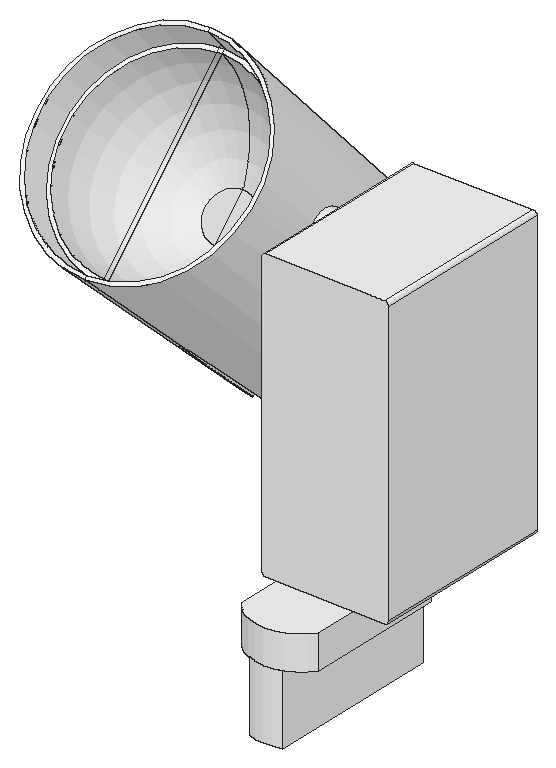
Revit family "0004873 Feilo Sylvania Lighting Fixture START TRACK SPOT S 14W 4K RA90 WB WHITE", category Lighting Fixtures, host Face, Revit 2017 (continued)
Definition of nested family "Start Track Spot Head"
  Types (96, lengths in mm): name | Wattage | built-in parameter 1150134 | Photometric Web File | Model | built-in parameter 1150105 | Lumens | built-in parameter 1150107 | built-in parameter 1150106 | HeadThickness_FEILO | HeadRibOffset_FEILO | HeadRibDepth_FEILO | HeadRibCutWidth_FEILO | HeadRibCutOffset_FEILO | HeadReflectorRadius_FEILO | HeadReflectorOffset_FEILO | HeadLEDRadius_FEILO | HeadHeight_FEILO | HeadDiffusorOffset_FEILO | HeadDiaOut_FEILO | HeadDiaIn_FEILO | HeadAxisFromTop_FEILO | Emit from Circle Diameter | built-in parameter 1150104 | Description | Apparent Load
    0004864 START TRACK SPOT S 24W 3K RA90 WB WHITE | 24 W | (empty or 0) | "0004864.ies" | "START TRACK SPOT S 24W 3K RA90 WB WHITE" | 152.79 (stored number, unit not read) | 1920 lm | 3000 (stored number, unit not read) | 1.5279 (stored number, unit not read) | 1.5 | 4.179 | 55.714 | 7.167 | 50.87 | 50.588 | 55.714 | 9.556 | 117 | 9.435 | 86 | 77.477 | 69.354 | 77.477 | 7.4322 (stored number, unit not read) | "Integrated LED spotlight, Textured White - RAL9016, compact and minimalist design, ideal for retail applications, die-cast aluminium body, passive cooling heatsink. Beam angle: 64°, color temperature: 3000K , total system power: 24W, total fixture output: 1928 lm, LOR: 100%, colour rendering: Ra: 90 typical, LED Chromaticity: 3 step MacAdam ellipse, lifetime: >50000 hours at L70B50, energy class: A++, A+, A, IR/UV free light source without heat radiation, operating voltage: 220-240V / 50-60Hz, drive current: 600mA, electronic driver, non-dimmable, power factor: 0.95, electrical protection: Class II, Global Track 3 Phase adapter suitable for Global trac 3-circuit tracks, ingress protection rating: IP20, suitable for internal environment only, horizontal rotation: 355°, vertical tilt: 90°, dimensions: Ø86x140x200, weight: 0.966kg." | 24 VA
    0004863 START TRACK SPOT S 24W 3K RA90 MB WHITE | 24 W | (empty or 0) | "0004863.ies" | "START TRACK SPOT S 24W 3K RA90 MB WHITE" | 154.7 (stored number, unit not read) | 1944 lm | 3000 (stored number, unit not read) | 1.547 (stored number, unit not read) | 1.5 | 4.179 | 55.714 | 7.167 | 50.87 | 50.588 | 55.714 | 9.556 | 117 | 9.435 | 86 | 77.477 | 69.354 | 77.477 | 7.5251 (stored number, unit not read) | "Integrated LED spotlight, Textured White - RAL9016, compact and minimalist design, ideal for retail applications, die-cast aluminium body, passive cooling heatsink. Beam angle: 36°, color temperature: 3000K , total system power: 24W, total fixture output: 1944 lm, LOR: 100%, colour rendering: Ra: 90 typical, LED Chromaticity: 3 step MacAdam ellipse, lifetime: >50000 hours at L70B50, energy class: A++, A+, A, IR/UV free light source without heat radiation, operating voltage: 220-240V / 50-60Hz, drive current: 600mA, electronic driver, non-dimmable, power factor: 0.95, electrical protection: Class II, Global Track 3 Phase adapter suitable for Global trac 3-circuit tracks, ingress protection rating: IP20, suitable for internal environment only, horizontal rotation: 355°, vertical tilt: 90°, dimensions: Ø86x140x200, weight: 0.966kg." | 24 VA
    0004862 START TRACK SPOT S 24W 3K RA90 NB WHITE | 24 W | (empty or 0) | "0004862.ies" | "START TRACK SPOT S 24W 3K RA90 NB WHITE" | 158.52 (stored number, unit not read) | 1992 lm | 3000 (stored number, unit not read) | 1.5852 (stored number, unit not read) | 1.5 | 4.179 | 55.714 | 7.167 | 50.87 | 50.588 | 55.714 | 9.556 | 117 | 9.435 | 86 | 77.477 | 69.354 | 77.477 | 7.711 (stored number, unit not read) | "Integrated LED spotlight, Textured White - RAL9016, compact and minimalist design, ideal for retail applications, die-cast aluminium body, passive cooling heatsink. Beam angle: 12°, color temperature: 3000K , total system power: 24W, total fixture output: 1987 lm, LOR: 100%, colour rendering: Ra: 90 typical, LED Chromaticity: 3 step MacAdam ellipse, lifetime: >50000 hours at L70B50, energy class: A++, A+, A, IR/UV free light source without heat radiation, operating voltage: 220-240V / 50-60Hz, drive current: 600mA, electronic driver, non-dimmable, power factor: 0.95, electrical protection: Class II, Global Track 3 Phase adapter suitable for Global trac 3-circuit tracks, ingress protection rating: IP20, suitable for internal environment only, horizontal rotation: 355°, vertical tilt: 90°, dimensions: Ø86x140x200, weight: 0.966kg." | 24 VA
    0004861 START TRACK SPOT S 14W 3K RA90 WB WHITE | 14 W | (empty or 0) | "0004861.ies" | "START TRACK SPOT S 14W 3K RA90 WB WHITE" | 100.27 (stored number, unit not read) | 1260 lm | 3000 (stored number, unit not read) | 1.0027 (stored number, unit not read) | 1.5 | 4.179 | 55.714 | 7.167 | 50.87 | 50.588 | 55.714 | 9.556 | 117 | 9.435 | 86 | 77.477 | 69.354 | 77.477 | 8.3613 (stored number, unit not read) | "Integrated LED spotlight, Textured White - RAL9016, compact and minimalist design, ideal for retail applications, die-cast aluminium body, passive cooling heatsink. Beam angle: 64°, color temperature: 3000K , total system power: 14W, total fixture output: 1262 lm, LOR: 100%, colour rendering: Ra: 90 typical, LED Chromaticity: 3 step MacAdam ellipse, lifetime: >50000 hours at L70B50, energy class: A++, A+, A, IR/UV free light source without heat radiation, operating voltage: 220-240V / 50-60Hz, drive current: 350mA, electronic driver, non-dimmable, power factor: 0.92, electrical protection: Class II, Global Track 3 Phase adapter suitable for Global trac 3-circuit tracks, ingress protection rating: IP20, suitable for internal environment only, horizontal rotation: 355°, vertical tilt: 90°, dimensions: Ø86x140x200, weight: 0.940kg." | 14 VA
    0004860 START TRACK SPOT S 14W 3K RA90 MB WHITE | 14 W | (empty or 0) | "0004860.ies" | "START TRACK SPOT S 14W 3K RA90 MB WHITE" | 100.27 (stored number, unit not read) | 1260 lm | 3000 (stored number, unit not read) | 1.0027 (stored number, unit not read) | 1.5 | 4.179 | 55.714 | 7.167 | 50.87 | 50.588 | 55.714 | 9.556 | 117 | 9.435 | 86 | 77.477 | 69.354 | 77.477 | 8.3613 (stored number, unit not read) | "Integrated LED spotlight, Textured White - RAL9016, compact and minimalist design, ideal for retail applications, die-cast aluminium body, passive cooling heatsink. Beam angle: 36°, color temperature: 3000K , total system power: 14W, total fixture output: 1262 lm, LOR: 100%, colour rendering: Ra: 90 typical, LED Chromaticity: 3 step MacAdam ellipse, lifetime: >50000 hours at L70B50, energy class: A++, A+, A, IR/UV free light source without heat radiation, operating voltage: 220-240V / 50-60Hz, drive current: 350mA, electronic driver, non-dimmable, power factor: 0.92, electrical protection: Class II, Global Track 3 Phase adapter suitable for Global trac 3-circuit tracks, ingress protection rating: IP20, suitable for internal environment only, horizontal rotation: 355°, vertical tilt: 90°, dimensions: Ø86x140x200, weight: 0.940kg." | 14 VA
    0004859 START TRACK SPOT S 14W 3K RA90 NB WHITE | 14 W | (empty or 0) | "0004859.ies" | "START TRACK SPOT S 14W 3K RA90 NB WHITE" | 102.5 (stored number, unit not read) | 1288 lm | 3000 (stored number, unit not read) | 1.025 (stored number, unit not read) | 1.5 | 4.179 | 55.714 | 7.167 | 50.87 | 50.588 | 55.714 | 9.556 | 117 | 9.435 | 86 | 77.477 | 69.354 | 77.477 | 8.5471 (stored number, unit not read) | "Integrated LED spotlight, Textured White - RAL9016, compact and minimalist design, ideal for retail applications, die-cast aluminium body, passive cooling heatsink. Beam angle: 12°, color temperature: 3000K , total system power: 14W, total fixture output: 1284 lm, LOR: 100%, colour rendering: Ra: 90 typical, LED Chromaticity: 3 step MacAdam ellipse, lifetime: >50000 hours at L70B50, energy class: A++, A+, A, IR/UV free light source without heat radiation, operating voltage: 220-240V / 50-60Hz, drive current: 350mA, electronic driver, non-dimmable, power factor: 0.92, electrical protection: Class II, Global Track 3 Phase adapter suitable for Global trac 3-circuit tracks, ingress protection rating: IP20, suitable for internal environment only, horizontal rotation: 355°, vertical tilt: 90°, dimensions: Ø86x140x200, weight: 0.940kg." | 14 VA
    0004858 START TRACK SPOT L 55W 4K RA80 WB BLACK | 55 W | 12 | "0004858.ies" | "START TRACK SPOT L 55W 4K RA80 WB BLACK" | 424.55 (stored number, unit not read) | 5335 lm | 4000 (stored number, unit not read) | 4.2455 (stored number, unit not read) | 2 | 4.429 | 59.048 | 9.417 | 53.913 | 66.471 | 59.048 | 12.556 | 124 | 10 | 113 | 101.802 | 73.503 | 101.802 | 9.0116 (stored number, unit not read) | "Integrated LED spotlight, Textured Black - RAL9005, compact and minimalist design, ideal for retail applications, die-cast aluminium body, passive cooling heatsink. Beam angle: 52°, color temperature: 4000K , total system power: 55W, total fixture output: 5320 lm, LOR: 100%, colour rendering: Ra: 80 typical, LED Chromaticity: 3 step MacAdam ellipse, lifetime: >50000 hours at L70B50, energy class: A++, A+, A, IR/UV free light source without heat radiation, operating voltage: 220-240V / 50-60Hz, drive current: 1400mA, electronic driver, non-dimmable, power factor: 0.96, electrical protection: Class II, Global Track 3 Phase adapter suitable for Global trac 3-circuit tracks, ingress protection rating: IP20, suitable for internal environment only, horizontal rotation: 355°, vertical tilt: 90°, dimensions: Ø113x164x240, weight: 1.398kg." | 55 VA
    0004857 START TRACK SPOT L 55W 4K RA80 MB BLACK | 55 W | 12 | "0004857.ies" | "START TRACK SPOT L 55W 4K RA80 MB BLACK" | 428.92 (stored number, unit not read) | 5390 lm | 4000 (stored number, unit not read) | 4.2892 (stored number, unit not read) | 2 | 4.429 | 59.048 | 9.417 | 53.913 | 66.471 | 59.048 | 12.556 | 124 | 10 | 113 | 101.802 | 73.503 | 101.802 | 9.1045 (stored number, unit not read) | "Integrated LED spotlight, Textured Black - RAL9005, compact and minimalist design, ideal for retail applications, die-cast aluminium body, passive cooling heatsink. Beam angle: 38°, color temperature: 4000K , total system power: 55W, total fixture output: 5378 lm, LOR: 100%, colour rendering: Ra: 80 typical, LED Chromaticity: 3 step MacAdam ellipse, lifetime: >50000 hours at L70B50, energy class: A++, A+, A, IR/UV free light source without heat radiation, operating voltage: 220-240V / 50-60Hz, drive current: 1400mA, electronic driver, non-dimmable, power factor: 0.96, electrical protection: Class II, Global Track 3 Phase adapter suitable for Global trac 3-circuit tracks, ingress protection rating: IP20, suitable for internal environment only, horizontal rotation: 355°, vertical tilt: 90°, dimensions: Ø113x164x240, weight: 1.398kg." | 55 VA
    0004856 START TRACK SPOT L 55W 4K RA80 NB BLACK | 55 W | 12 | "0004856.ies" | "START TRACK SPOT L 55W 4K RA80 NB BLACK" | 433.3 (stored number, unit not read) | 5445 lm | 4000 (stored number, unit not read) | 4.333 (stored number, unit not read) | 2 | 4.429 | 59.048 | 9.417 | 53.913 | 66.471 | 59.048 | 12.556 | 124 | 10 | 113 | 101.802 | 73.503 | 101.802 | 9.1974 (stored number, unit not read) | "Integrated LED spotlight, Textured Black - RAL9005, compact and minimalist design, ideal for retail applications, die-cast aluminium body, passive cooling heatsink. Beam angle: 15°, color temperature: 4000K , total system power: 55W, total fixture output: 5426 lm, LOR: 100%, colour rendering: Ra: 80 typical, LED Chromaticity: 3 step MacAdam ellipse, lifetime: >50000 hours at L70B50, energy class: A++, A+, A, IR/UV free light source without heat radiation, operating voltage: 220-240V / 50-60Hz, drive current: 1400mA, electronic driver, non-dimmable, power factor: 0.96, electrical protection: Class II, Global Track 3 Phase adapter suitable for Global trac 3-circuit tracks, ingress protection rating: IP20, suitable for internal environment only, horizontal rotation: 355°, vertical tilt: 90°, dimensions: Ø113x164x240, weight: 1.398kg." | 55 VA
    0004855 START TRACK SPOT L 35W 4K RA80 WB BLACK | 35 W | 12 | "0004855.ies" | "START TRACK SPOT L 35W 4K RA80 WB BLACK" | 320.3 (stored number, unit not read) | 4025 lm | 4000 (stored number, unit not read) | 3.203 (stored number, unit not read) | 2 | 4.429 | 59.048 | 9.417 | 53.913 | 66.471 | 59.048 | 12.556 | 124 | 10 | 113 | 101.802 | 73.503 | 101.802 | 10.684 (stored number, unit not read) | "Integrated LED spotlight, Textured Black - RAL9005, compact and minimalist design, ideal for retail applications, die-cast aluminium body, passive cooling heatsink. Beam angle: 52°, color temperature: 4000K , total system power: 35W, total fixture output: 4010 lm, LOR: 100%, colour rendering: Ra: 80 typical, LED Chromaticity: 3 step MacAdam ellipse, lifetime: >50000 hours at L70B50, energy class: A++, A+, A, IR/UV free light source without heat radiation, operating voltage: 220-240V / 50-60Hz, drive current: 900mA, electronic driver, non-dimmable, power factor: 0.93, electrical protection: Class II, Global Track 3 Phase adapter suitable for Global trac 3-circuit tracks, ingress protection rating: IP20, suitable for internal environment only, horizontal rotation: 355°, vertical tilt: 90°, dimensions: Ø113x164x240, weight: 1.368kg." | 35 VA
    0004854 START TRACK SPOT L 35W 4K RA80 MB BLACK | 35 W | 12 | "0004854.ies" | "START TRACK SPOT L 35W 4K RA80 MB BLACK" | 320.3 (stored number, unit not read) | 4025 lm | 4000 (stored number, unit not read) | 3.203 (stored number, unit not read) | 2 | 4.429 | 59.048 | 9.417 | 53.913 | 66.471 | 59.048 | 12.556 | 124 | 10 | 113 | 101.802 | 73.503 | 101.802 | 10.684 (stored number, unit not read) | "Integrated LED spotlight, Textured Black - RAL9005, compact and minimalist design, ideal for retail applications, die-cast aluminium body, passive cooling heatsink. Beam angle: 38°, color temperature: 4000K , total system power: 35W, total fixture output: 4017 lm, LOR: 100%, colour rendering: Ra: 80 typical, LED Chromaticity: 3 step MacAdam ellipse, lifetime: >50000 hours at L70B50, energy class: A++, A+, A, IR/UV free light source without heat radiation, operating voltage: 220-240V / 50-60Hz, drive current: 900mA, electronic driver, non-dimmable, power factor: 0.93, electrical protection: Class II, Global Track 3 Phase adapter suitable for Global trac 3-circuit tracks, ingress protection rating: IP20, suitable for internal environment only, horizontal rotation: 355°, vertical tilt: 90°, dimensions: Ø113x164x240, weight: 1.368kg." | 35 VA
    0004853 START TRACK SPOT L 35W 4K RA80 NB BLACK | 35 W | 12 | "0004853.ies" | "START TRACK SPOT L 35W 4K RA80 NB BLACK" | 331.44 (stored number, unit not read) | 4165 lm | 4000 (stored number, unit not read) | 3.3144 (stored number, unit not read) | 2 | 4.429 | 59.048 | 9.417 | 53.913 | 66.471 | 59.048 | 12.556 | 124 | 10 | 113 | 101.802 | 73.503 | 101.802 | 11.055 (stored number, unit not read) | "Integrated LED spotlight, Textured Black - RAL9005, compact and minimalist design, ideal for retail applications, die-cast aluminium body, passive cooling heatsink. Beam angle: 15°, color temperature: 4000K , total system power: 35W, total fixture output: 4174 lm, LOR: 100%, colour rendering: Ra: 80 typical, LED Chromaticity: 3 step MacAdam ellipse, lifetime: >50000 hours at L70B50, energy class: A++, A+, A, IR/UV free light source without heat radiation, operating voltage: 220-240V / 50-60Hz, drive current: 900mA, electronic driver, non-dimmable, power factor: 0.93, electrical protection: Class II, Global Track 3 Phase adapter suitable for Global trac 3-circuit tracks, ingress protection rating: IP20, suitable for internal environment only, horizontal rotation: 355°, vertical tilt: 90°, dimensions: Ø113x164x240, weight: 1.368kg." | 35 VA
    0004852 START TRACK SPOT S 24W 4K RA80 WB BLACK | 24 W | 12 | "0004852.ies" | "START TRACK SPOT S 24W 4K RA80 WB BLACK" | 196.72 (stored number, unit not read) | 2472 lm | 4000 (stored number, unit not read) | 1.9672 (stored number, unit not read) | 1.5 | 4.179 | 55.714 | 7.167 | 50.87 | 50.588 | 55.714 | 9.556 | 117 | 9.435 | 86 | 77.477 | 69.354 | 77.477 | 9.569 (stored number, unit not read) | "Integrated LED spotlight, Textured Black - RAL9005, compact and minimalist design, ideal for retail applications, die-cast aluminium body, passive cooling heatsink. Beam angle: 64°, color temperature: 4000K , total system power: 24W, total fixture output: 2476 lm, LOR: 100%, colour rendering: Ra: 80 typical, LED Chromaticity: 3 step MacAdam ellipse, lifetime: >50000 hours at L70B50, energy class: A++, A+, A, IR/UV free light source without heat radiation, operating voltage: 220-240V / 50-60Hz, drive current: 600mA, electronic driver, non-dimmable, power factor: 0.95, electrical protection: Class II, Global Track 3 Phase adapter suitable for Global trac 3-circuit tracks, ingress protection rating: IP20, suitable for internal environment only, horizontal rotation: 355°, vertical tilt: 90°, dimensions: Ø86x140x200, weight: 0.966kg." | 24 VA
    0004851 START TRACK SPOT S 24W 4K RA80 MB BLACK | 24 W | 12 | "0004851.ies" | "START TRACK SPOT S 24W 4K RA80 MB BLACK" | 198.63 (stored number, unit not read) | 2496 lm | 4000 (stored number, unit not read) | 1.9863 (stored number, unit not read) | 1.5 | 4.179 | 55.714 | 7.167 | 50.87 | 50.588 | 55.714 | 9.556 | 117 | 9.435 | 86 | 77.477 | 69.354 | 77.477 | 9.6619 (stored number, unit not read) | "Integrated LED spotlight, Textured Black - RAL9005, compact and minimalist design, ideal for retail applications, die-cast aluminium body, passive cooling heatsink. Beam angle: 36°, color temperature: 4000K , total system power: 24W, total fixture output: 2487 lm, LOR: 100%, colour rendering: Ra: 80 typical, LED Chromaticity: 3 step MacAdam ellipse, lifetime: >50000 hours at L70B50, energy class: A++, A+, A, IR/UV free light source without heat radiation, operating voltage: 220-240V / 50-60Hz, drive current: 600mA, electronic driver, non-dimmable, power factor: 0.95, electrical protection: Class II, Global Track 3 Phase adapter suitable for Global trac 3-circuit tracks, ingress protection rating: IP20, suitable for internal environment only, horizontal rotation: 355°, vertical tilt: 90°, dimensions: Ø86x140x200, weight: 0.966kg." | 24 VA
    0004850 START TRACK SPOT S 24W 4K RA80 NB BLACK | 24 W | 12 | "0004850.ies" | "START TRACK SPOT S 24W 4K RA80 NB BLACK" | 200.54 (stored number, unit not read) | 2520 lm | 4000 (stored number, unit not read) | 2.0054 (stored number, unit not read) | 1.5 | 4.179 | 55.714 | 7.167 | 50.87 | 50.588 | 55.714 | 9.556 | 117 | 9.435 | 86 | 77.477 | 69.354 | 77.477 | 9.7548 (stored number, unit not read) | "Integrated LED spotlight, Textured Black - RAL9005, compact and minimalist design, ideal for retail applications, die-cast aluminium body, passive cooling heatsink. Beam angle: 12°, color temperature: 4000K , total system power: 24W, total fixture output: 2529 lm, LOR: 100%, colour rendering: Ra: 80 typical, LED Chromaticity: 3 step MacAdam ellipse, lifetime: >50000 hours at L70B50, energy class: A++, A+, A, IR/UV free light source without heat radiation, operating voltage: 220-240V / 50-60Hz, drive current: 600mA, electronic driver, non-dimmable, power factor: 0.95, electrical protection: Class II, Global Track 3 Phase adapter suitable for Global trac 3-circuit tracks, ingress protection rating: IP20, suitable for internal environment only, horizontal rotation: 355°, vertical tilt: 90°, dimensions: Ø86x140x200, weight: 0.966kg." | 24 VA
    0004849 START TRACK SPOT S 14W 4K RA80 WB BLACK | 14 W | 12 | "0004849.ies" | "START TRACK SPOT S 14W 4K RA80 WB BLACK" | 123.66 (stored number, unit not read) | 1554 lm | 4000 (stored number, unit not read) | 1.2366 (stored number, unit not read) | 1.5 | 4.179 | 55.714 | 7.167 | 50.87 | 50.588 | 55.714 | 9.556 | 117 | 9.435 | 86 | 77.477 | 69.354 | 77.477 | 10.312 (stored number, unit not read) | "Integrated LED spotlight, Textured Black - RAL9005, compact and minimalist design, ideal for retail applications, die-cast aluminium body, passive cooling heatsink. Beam angle: 64°, color temperature: 4000K , total system power: 14W, total fixture output: 1558 lm, LOR: 100%, colour rendering: Ra: 80 typical, LED Chromaticity: 3 step MacAdam ellipse, lifetime: >50000 hours at L70B50, energy class: A++, A+, A, IR/UV free light source without heat radiation, operating voltage: 220-240V / 50-60Hz, drive current: 350mA, electronic driver, non-dimmable, power factor: 0.92, electrical protection: Class II, Global Track 3 Phase adapter suitable for Global trac 3-circuit tracks, ingress protection rating: IP20, suitable for internal environment only, horizontal rotation: 355°, vertical tilt: 90°, dimensions: Ø86x140x200, weight: 0.940kg." | 14 VA
    0004848 START TRACK SPOT S 14W 4K RA80 MB BLACK | 14 W | 12 | "0004848.ies" | "START TRACK SPOT S 14W 4K RA80 MB BLACK" | 127.01 (stored number, unit not read) | 1596 lm | 4000 (stored number, unit not read) | 1.2701 (stored number, unit not read) | 1.5 | 4.179 | 55.714 | 7.167 | 50.87 | 50.588 | 55.714 | 9.556 | 117 | 9.435 | 86 | 77.477 | 69.354 | 77.477 | 10.591 (stored number, unit not read) | "Integrated LED spotlight, Textured Black - RAL9005, compact and minimalist design, ideal for retail applications, die-cast aluminium body, passive cooling heatsink. Beam angle: 36°, color temperature: 4000K , total system power: 14W, total fixture output: 1598 lm, LOR: 100%, colour rendering: Ra: 80 typical, LED Chromaticity: 3 step MacAdam ellipse, lifetime: >50000 hours at L70B50, energy class: A++, A+, A, IR/UV free light source without heat radiation, operating voltage: 220-240V / 50-60Hz, drive current: 350mA, electronic driver, non-dimmable, power factor: 0.92, electrical protection: Class II, Global Track 3 Phase adapter suitable for Global trac 3-circuit tracks, ingress protection rating: IP20, suitable for internal environment only, horizontal rotation: 355°, vertical tilt: 90°, dimensions: Ø86x140x200, weight: 0.940kg." | 14 VA
    0004847 START TRACK SPOT S 14W 4K RA80 NB BLACK | 14 W | 12 | "0004847.ies" | "START TRACK SPOT S 14W 4K RA80 NB BLACK" | 128.12 (stored number, unit not read) | 1610 lm | 4000 (stored number, unit not read) | 1.2812 (stored number, unit not read) | 1.5 | 4.179 | 55.714 | 7.167 | 50.87 | 50.588 | 55.714 | 9.556 | 117 | 9.435 | 86 | 77.477 | 69.354 | 77.477 | 10.684 (stored number, unit not read) | "Integrated LED spotlight, Textured Black - RAL9005, compact and minimalist design, ideal for retail applications, die-cast aluminium body, passive cooling heatsink. Beam angle: 12°, color temperature: 4000K , total system power: 14W, total fixture output: 1608 lm, LOR: 100%, colour rendering: Ra: 80 typical, LED Chromaticity: 3 step MacAdam ellipse, lifetime: >50000 hours at L70B50, energy class: A++, A+, A, IR/UV free light source without heat radiation, operating voltage: 220-240V / 50-60Hz, drive current: 350mA, electronic driver, non-dimmable, power factor: 0.92, electrical protection: Class II, Global Track 3 Phase adapter suitable for Global trac 3-circuit tracks, ingress protection rating: IP20, suitable for internal environment only, horizontal rotation: 355°, vertical tilt: 90°, dimensions: Ø86x140x200, weight: 0.940kg." | 14 VA
    0004846 START TRACK SPOT L 55W 3K RA80 WB BLACK | 55 W | (empty or 0) | "0004846.ies" | "START TRACK SPOT L 55W 3K RA80 WB BLACK" | 420.17 (stored number, unit not read) | 5280 lm | 3000 (stored number, unit not read) | 4.2017 (stored number, unit not read) | 2 | 4.429 | 59.048 | 9.417 | 53.913 | 66.471 | 59.048 | 12.556 | 124 | 10 | 113 | 101.802 | 73.503 | 101.802 | 8.9187 (stored number, unit not read) | "Integrated LED spotlight, Textured Black - RAL9005, compact and minimalist design, ideal for retail applications, die-cast aluminium body, passive cooling heatsink. Beam angle: 52°, color temperature: 3000K , total system power: 55W, total fixture output: 5298 lm, LOR: 100%, colour rendering: Ra: 80 typical, LED Chromaticity: 3 step MacAdam ellipse, lifetime: >50000 hours at L70B50, energy class: A++, A+, A, IR/UV free light source without heat radiation, operating voltage: 220-240V / 50-60Hz, drive current: 1400mA, electronic driver, non-dimmable, power factor: 0.96, electrical protection: Class II, Global Track 3 Phase adapter suitable for Global trac 3-circuit tracks, ingress protection rating: IP20, suitable for internal environment only, horizontal rotation: 355°, vertical tilt: 90°, dimensions: Ø113x164x240, weight: 1.398kg." | 55 VA
    0004845 START TRACK SPOT L 55W 3K RA80 MB BLACK | 55 W | (empty or 0) | "0004845.ies" | "START TRACK SPOT L 55W 3K RA80 MB BLACK" | 428.92 (stored number, unit not read) | 5390 lm | 3000 (stored number, unit not read) | 4.2892 (stored number, unit not read) | 2 | 4.429 | 59.048 | 9.417 | 53.913 | 66.471 | 59.048 | 12.556 | 124 | 10 | 113 | 101.802 | 73.503 | 101.802 | 9.1045 (stored number, unit not read) | "Integrated LED spotlight, Textured Black - RAL9005, compact and minimalist design, ideal for retail applications, die-cast aluminium body, passive cooling heatsink. Beam angle: 38°, color temperature: 3000K , total system power: 55W, total fixture output: 5381 lm, LOR: 100%, colour rendering: Ra: 80 typical, LED Chromaticity: 3 step MacAdam ellipse, lifetime: >50000 hours at L70B50, energy class: A++, A+, A, IR/UV free light source without heat radiation, operating voltage: 220-240V / 50-60Hz, drive current: 1400mA, electronic driver, non-dimmable, power factor: 0.96, electrical protection: Class II, Global Track 3 Phase adapter suitable for Global trac 3-circuit tracks, ingress protection rating: IP20, suitable for internal environment only, horizontal rotation: 355°, vertical tilt: 90°, dimensions: Ø113x164x240, weight: 1.398kg." | 55 VA
    0004844 START TRACK SPOT L 55W 3K RA80 NB BLACK | 55 W | (empty or 0) | "0004844.ies" | "START TRACK SPOT L 55W 3K RA80 NB BLACK" | 433.3 (stored number, unit not read) | 5445 lm | 3000 (stored number, unit not read) | 4.333 (stored number, unit not read) | 2 | 4.429 | 59.048 | 9.417 | 53.913 | 66.471 | 59.048 | 12.556 | 124 | 10 | 113 | 101.802 | 73.503 | 101.802 | 9.1974 (stored number, unit not read) | "Integrated LED spotlight, Textured Black - RAL9005, compact and minimalist design, ideal for retail applications, die-cast aluminium body, passive cooling heatsink. Beam angle: 15°, color temperature: 3000K , total system power: 55W, total fixture output: 5449 lm, LOR: 100%, colour rendering: Ra: 80 typical, LED Chromaticity: 3 step MacAdam ellipse, lifetime: >50000 hours at L70B50, energy class: A++, A+, A, IR/UV free light source without heat radiation, operating voltage: 220-240V / 50-60Hz, drive current: 1400mA, electronic driver, non-dimmable, power factor: 0.96, electrical protection: Class II, Global Track 3 Phase adapter suitable for Global trac 3-circuit tracks, ingress protection rating: IP20, suitable for internal environment only, horizontal rotation: 355°, vertical tilt: 90°, dimensions: Ø113x164x240, weight: 1.398kg." | 55 VA
    0004843 START TRACK SPOT L 35W 3K RA80 WB BLACK | 35 W | (empty or 0) | "0004843.ies" | "START TRACK SPOT L 35W 3K RA80 WB BLACK" | 314.73 (stored number, unit not read) | 3955 lm | 3000 (stored number, unit not read) | 3.1473 (stored number, unit not read) | 2 | 4.429 | 59.048 | 9.417 | 53.913 | 66.471 | 59.048 | 12.556 | 124 | 10 | 113 | 101.802 | 73.503 | 101.802 | 10.498 (stored number, unit not read) | "Integrated LED spotlight, Textured Black - RAL9005, compact and minimalist design, ideal for retail applications, die-cast aluminium body, passive cooling heatsink. Beam angle: 52°, color temperature: 3000K , total system power: 35W, total fixture output: 3943 lm, LOR: 100%, colour rendering: Ra: 80 typical, LED Chromaticity: 3 step MacAdam ellipse, lifetime: >50000 hours at L70B50, energy class: A++, A+, A, IR/UV free light source without heat radiation, operating voltage: 220-240V / 50-60Hz, drive current: 900mA, electronic driver, non-dimmable, power factor: 0.93, electrical protection: Class II, Global Track 3 Phase adapter suitable for Global trac 3-circuit tracks, ingress protection rating: IP20, suitable for internal environment only, horizontal rotation: 355°, vertical tilt: 90°, dimensions: Ø113x164x240, weight: 1.368kg." | 35 VA
    0004842 START TRACK SPOT L 35W 3K RA80 MB BLACK | 35 W | (empty or 0) | "0004842.ies" | "START TRACK SPOT L 35W 3K RA80 MB BLACK" | 320.3 (stored number, unit not read) | 4025 lm | 3000 (stored number, unit not read) | 3.203 (stored number, unit not read) | 2 | 4.429 | 59.048 | 9.417 | 53.913 | 66.471 | 59.048 | 12.556 | 124 | 10 | 113 | 101.802 | 73.503 | 101.802 | 10.684 (stored number, unit not read) | "Integrated LED spotlight, Textured Black - RAL9005, compact and minimalist design, ideal for retail applications, die-cast aluminium body, passive cooling heatsink. Beam angle: 38°, color temperature: 3000K , total system power: 35W, total fixture output: 4008 lm, LOR: 100%, colour rendering: Ra: 80 typical, LED Chromaticity: 3 step MacAdam ellipse, lifetime: >50000 hours at L70B50, energy class: A++, A+, A, IR/UV free light source without heat radiation, operating voltage: 220-240V / 50-60Hz, drive current: 900mA, electronic driver, non-dimmable, power factor: 0.93, electrical protection: Class II, Global Track 3 Phase adapter suitable for Global trac 3-circuit tracks, ingress protection rating: IP20, suitable for internal environment only, horizontal rotation: 355°, vertical tilt: 90°, dimensions: Ø113x164x240, weight: 1.368kg." | 35 VA
    0004841 START TRACK SPOT L 35W 3K RA80 NB BLACK | 35 W | (empty or 0) | "0004841.ies" | "START TRACK SPOT L 35W 3K RA80 NB BLACK" | 317.51 (stored number, unit not read) | 3990 lm | 3000 (stored number, unit not read) | 3.1751 (stored number, unit not read) | 2 | 4.429 | 59.048 | 9.417 | 53.913 | 66.471 | 59.048 | 12.556 | 124 | 10 | 113 | 101.802 | 73.503 | 101.802 | 10.591 (stored number, unit not read) | "Integrated LED spotlight, Textured Black - RAL9005, compact and minimalist design, ideal for retail applications, die-cast aluminium body, passive cooling heatsink. Beam angle: 15°, color temperature: 3000K , total system power: 35W, total fixture output: 4005 lm, LOR: 100%, colour rendering: Ra: 80 typical, LED Chromaticity: 3 step MacAdam ellipse, lifetime: >50000 hours at L70B50, energy class: A++, A+, A, IR/UV free light source without heat radiation, operating voltage: 220-240V / 50-60Hz, drive current: 900mA, electronic driver, non-dimmable, power factor: 0.93, electrical protection: Class II, Global Track 3 Phase adapter suitable for Global trac 3-circuit tracks, ingress protection rating: IP20, suitable for internal environment only, horizontal rotation: 355°, vertical tilt: 90°, dimensions: Ø113x164x240, weight: 1.368kg." | 35 VA
    0004840 START TRACK SPOT S 24W 3K RA80 WB BLACK | 24 W | (empty or 0) | "0004840.ies" | "START TRACK SPOT S 24W 3K RA80 WB BLACK" | 185.26 (stored number, unit not read) | 2328 lm | 3000 (stored number, unit not read) | 1.8526 (stored number, unit not read) | 1.5 | 4.179 | 55.714 | 7.167 | 50.87 | 50.588 | 55.714 | 9.556 | 117 | 9.435 | 86 | 77.477 | 69.354 | 77.477 | 9.0116 (stored number, unit not read) | "Integrated LED spotlight, Textured Black - RAL9005, compact and minimalist design, ideal for retail applications, die-cast aluminium body, passive cooling heatsink. Beam angle: 64°, color temperature: 3000K , total system power: 24W, total fixture output: 2318 lm, LOR: 100%, colour rendering: Ra: 80 typical, LED Chromaticity: 3 step MacAdam ellipse, lifetime: >50000 hours at L70B50, energy class: A++, A+, A, IR/UV free light source without heat radiation, operating voltage: 220-240V / 50-60Hz, drive current: 600mA, electronic driver, non-dimmable, power factor: 0.95, electrical protection: Class II, Global Track 3 Phase adapter suitable for Global trac 3-circuit tracks, ingress protection rating: IP20, suitable for internal environment only, horizontal rotation: 355°, vertical tilt: 90°, dimensions: Ø86x140x200, weight: 0.966kg." | 24 VA
    0004839 START TRACK SPOT S 24W 3K RA80 MB BLACK | 24 W | (empty or 0) | "0004839.ies" | "START TRACK SPOT S 24W 3K RA80 MB BLACK" | 183.35 (stored number, unit not read) | 2304 lm | 3000 (stored number, unit not read) | 1.8335 (stored number, unit not read) | 1.5 | 4.179 | 55.714 | 7.167 | 50.87 | 50.588 | 55.714 | 9.556 | 117 | 9.435 | 86 | 77.477 | 69.354 | 77.477 | 8.9187 (stored number, unit not read) | "Integrated LED spotlight, Textured Black - RAL9005, compact and minimalist design, ideal for retail applications, die-cast aluminium body, passive cooling heatsink. Beam angle: 36°, color temperature: 3000K , total system power: 24W, total fixture output: 2314 lm, LOR: 100%, colour rendering: Ra: 80 typical, LED Chromaticity: 3 step MacAdam ellipse, lifetime: >50000 hours at L70B50, energy class: A++, A+, A, IR/UV free light source without heat radiation, operating voltage: 220-240V / 50-60Hz, drive current: 600mA, electronic driver, non-dimmable, power factor: 0.95, electrical protection: Class II, Global Track 3 Phase adapter suitable for Global trac 3-circuit tracks, ingress protection rating: IP20, suitable for internal environment only, horizontal rotation: 355°, vertical tilt: 90°, dimensions: Ø86x140x200, weight: 0.966kg." | 24 VA
    0004838 START TRACK SPOT S 24W 3K RA80 NB BLACK | 24 W | (empty or 0) | "0004838.ies" | "START TRACK SPOT S 24W 3K RA80 NB BLACK" | 185.26 (stored number, unit not read) | 2328 lm | 3000 (stored number, unit not read) | 1.8526 (stored number, unit not read) | 1.5 | 4.179 | 55.714 | 7.167 | 50.87 | 50.588 | 55.714 | 9.556 | 117 | 9.435 | 86 | 77.477 | 69.354 | 77.477 | 9.0116 (stored number, unit not read) | "Integrated LED spotlight, Textured Black - RAL9005, compact and minimalist design, ideal for retail applications, die-cast aluminium body, passive cooling heatsink. Beam angle: 12°, color temperature: 3000K , total system power: 24W, total fixture output: 2334 lm, LOR: 100%, colour rendering: Ra: 80 typical, LED Chromaticity: 3 step MacAdam ellipse, lifetime: >50000 hours at L70B50, energy class: A++, A+, A, IR/UV free light source without heat radiation, operating voltage: 220-240V / 50-60Hz, drive current: 600mA, electronic driver, non-dimmable, power factor: 0.95, electrical protection: Class II, Global Track 3 Phase adapter suitable for Global trac 3-circuit tracks, ingress protection rating: IP20, suitable for internal environment only, horizontal rotation: 355°, vertical tilt: 90°, dimensions: Ø86x140x200, weight: 0.966kg." | 24 VA
    0004837 START TRACK SPOT S 14W 3K RA80 WB BLACK | 14 W | (empty or 0) | "0004837.ies" | "START TRACK SPOT S 14W 3K RA80 WB BLACK" | 119.21 (stored number, unit not read) | 1498 lm | 3000 (stored number, unit not read) | 1.1921 (stored number, unit not read) | 1.5 | 4.179 | 55.714 | 7.167 | 50.87 | 50.588 | 55.714 | 9.556 | 117 | 9.435 | 86 | 77.477 | 69.354 | 77.477 | 9.9406 (stored number, unit not read) | "Integrated LED spotlight, Textured Black - RAL9005, compact and minimalist design, ideal for retail applications, die-cast aluminium body, passive cooling heatsink. Beam angle: 64°, color temperature: 3000K , total system power: 14W, total fixture output: 1498 lm, LOR: 100%, colour rendering: Ra: 80 typical, LED Chromaticity: 3 step MacAdam ellipse, lifetime: >50000 hours at L70B50, energy class: A++, A+, A, IR/UV free light source without heat radiation, operating voltage: 220-240V / 50-60Hz, drive current: 350mA, electronic driver, non-dimmable, power factor: 0.92, electrical protection: Class II, Global Track 3 Phase adapter suitable for Global trac 3-circuit tracks, ingress protection rating: IP20, suitable for internal environment only, horizontal rotation: 355°, vertical tilt: 90°, dimensions: Ø86x140x200, weight: 0.940kg." | 14 VA
    0004836 START TRACK SPOT S 14W 3K RA80 MB BLACK | 14 W | (empty or 0) | "0004836.ies" | "START TRACK SPOT S 14W 3K RA80 MB BLACK" | 120.32 (stored number, unit not read) | 1512 lm | 3000 (stored number, unit not read) | 1.2032 (stored number, unit not read) | 1.5 | 4.179 | 55.714 | 7.167 | 50.87 | 50.588 | 55.714 | 9.556 | 117 | 9.435 | 86 | 77.477 | 69.354 | 77.477 | 10.034 (stored number, unit not read) | "Integrated LED spotlight, Textured Black - RAL9005, compact and minimalist design, ideal for retail applications, die-cast aluminium body, passive cooling heatsink. Beam angle: 36°, color temperature: 3000K , total system power: 14W, total fixture output: 1508 lm, LOR: 100%, colour rendering: Ra: 80 typical, LED Chromaticity: 3 step MacAdam ellipse, lifetime: >50000 hours at L70B50, energy class: A++, A+, A, IR/UV free light source without heat radiation, operating voltage: 220-240V / 50-60Hz, drive current: 350mA, electronic driver, non-dimmable, power factor: 0.92, electrical protection: Class II, Global Track 3 Phase adapter suitable for Global trac 3-circuit tracks, ingress protection rating: IP20, suitable for internal environment only, horizontal rotation: 355°, vertical tilt: 90°, dimensions: Ø86x140x200, weight: 0.940kg." | 14 VA
    0004835 START TRACK SPOT S 14W 3K RA80 NB BLACK | 14 W | (empty or 0) | "0004835.ies" | "START TRACK SPOT S 14W 3K RA80 NB BLACK" | 123.66 (stored number, unit not read) | 1554 lm | 3000 (stored number, unit not read) | 1.2366 (stored number, unit not read) | 1.5 | 4.179 | 55.714 | 7.167 | 50.87 | 50.588 | 55.714 | 9.556 | 117 | 9.435 | 86 | 77.477 | 69.354 | 77.477 | 10.312 (stored number, unit not read) | "Integrated LED spotlight, Textured Black - RAL9005, compact and minimalist design, ideal for retail applications, die-cast aluminium body, passive cooling heatsink. Beam angle: 12°, color temperature: 3000K , total system power: 14W, total fixture output: 1551 lm, LOR: 100%, colour rendering: Ra: 80 typical, LED Chromaticity: 3 step MacAdam ellipse, lifetime: >50000 hours at L70B50, energy class: A++, A+, A, IR/UV free light source without heat radiation, operating voltage: 220-240V / 50-60Hz, drive current: 350mA, electronic driver, non-dimmable, power factor: 0.92, electrical protection: Class II, Global Track 3 Phase adapter suitable for Global trac 3-circuit tracks, ingress protection rating: IP20, suitable for internal environment only, horizontal rotation: 355°, vertical tilt: 90°, dimensions: Ø86x140x200, weight: 0.940kg." | 14 VA
    0004834 START TRACK SPOT L 55W 4K RA80 WB WHITE | 55 W | 12 | "0004834.ies" | "START TRACK SPOT L 55W 4K RA80 WB WHITE" | 424.55 (stored number, unit not read) | 5335 lm | 4000 (stored number, unit not read) | 4.2455 (stored number, unit not read) | 2 | 4.429 | 59.048 | 9.417 | 53.913 | 66.471 | 59.048 | 12.556 | 124 | 10 | 113 | 101.802 | 73.503 | 101.802 | 9.0116 (stored number, unit not read) | "Integrated LED spotlight, Textured White - RAL9016, compact and minimalist design, ideal for retail applications, die-cast aluminium body, passive cooling heatsink. Beam angle: 52°, color temperature: 4000K , total system power: 55W, total fixture output: 5320 lm, LOR: 100%, colour rendering: Ra: 80 typical, LED Chromaticity: 3 step MacAdam ellipse, lifetime: >50000 hours at L70B50, energy class: A++, A+, A, IR/UV free light source without heat radiation, operating voltage: 220-240V / 50-60Hz, drive current: 1400mA, electronic driver, non-dimmable, power factor: 0.96, electrical protection: Class II, Global Track 3 Phase adapter suitable for Global trac 3-circuit tracks, ingress protection rating: IP20, suitable for internal environment only, horizontal rotation: 355°, vertical tilt: 90°, dimensions: Ø113x164x240, weight: 1.398kg." | 55 VA
    0004833 START TRACK SPOT L 55W 4K RA80 MB WHITE | 55 W | 12 | "0004833.ies" | "START TRACK SPOT L 55W 4K RA80 MB WHITE" | 428.92 (stored number, unit not read) | 5390 lm | 4000 (stored number, unit not read) | 4.2892 (stored number, unit not read) | 2 | 4.429 | 59.048 | 9.417 | 53.913 | 66.471 | 59.048 | 12.556 | 124 | 10 | 113 | 101.802 | 73.503 | 101.802 | 9.1045 (stored number, unit not read) | "Integrated LED spotlight, Textured White - RAL9016, compact and minimalist design, ideal for retail applications, die-cast aluminium body, passive cooling heatsink. Beam angle: 38°, color temperature: 4000K , total system power: 55W, total fixture output: 5378 lm, LOR: 100%, colour rendering: Ra: 80 typical, LED Chromaticity: 3 step MacAdam ellipse, lifetime: >50000 hours at L70B50, energy class: A++, A+, A, IR/UV free light source without heat radiation, operating voltage: 220-240V / 50-60Hz, drive current: 1400mA, electronic driver, non-dimmable, power factor: 0.96, electrical protection: Class II, Global Track 3 Phase adapter suitable for Global trac 3-circuit tracks, ingress protection rating: IP20, suitable for internal environment only, horizontal rotation: 355°, vertical tilt: 90°, dimensions: Ø113x164x240, weight: 1.398kg." | 55 VA
    0004832 START TRACK SPOT L 55W 4K RA80 NB WHITE | 55 W | 12 | "0004832.ies" | "START TRACK SPOT L 55W 4K RA80 NB WHITE" | 433.3 (stored number, unit not read) | 5445 lm | 4000 (stored number, unit not read) | 4.333 (stored number, unit not read) | 2 | 4.429 | 59.048 | 9.417 | 53.913 | 66.471 | 59.048 | 12.556 | 124 | 10 | 113 | 101.802 | 73.503 | 101.802 | 9.1974 (stored number, unit not read) | "Integrated LED spotlight, Textured White - RAL9016, compact and minimalist design, ideal for retail applications, die-cast aluminium body, passive cooling heatsink. Beam angle: 15°, color temperature: 4000K , total system power: 55W, total fixture output: 5426 lm, LOR: 100%, colour rendering: Ra: 80 typical, LED Chromaticity: 3 step MacAdam ellipse, lifetime: >50000 hours at L70B50, energy class: A++, A+, A, IR/UV free light source without heat radiation, operating voltage: 220-240V / 50-60Hz, drive current: 1400mA, electronic driver, non-dimmable, power factor: 0.96, electrical protection: Class II, Global Track 3 Phase adapter suitable for Global trac 3-circuit tracks, ingress protection rating: IP20, suitable for internal environment only, horizontal rotation: 355°, vertical tilt: 90°, dimensions: Ø113x164x240, weight: 1.398kg." | 55 VA
    0004831 START TRACK SPOT L 35W 4K RA80 WB WHITE | 35 W | 12 | "0004831.ies" | "START TRACK SPOT L 35W 4K RA80 WB WHITE" | 320.3 (stored number, unit not read) | 4025 lm | 4000 (stored number, unit not read) | 3.203 (stored number, unit not read) | 2 | 4.429 | 59.048 | 9.417 | 53.913 | 66.471 | 59.048 | 12.556 | 124 | 10 | 113 | 101.802 | 73.503 | 101.802 | 10.684 (stored number, unit not read) | "Integrated LED spotlight, Textured White - RAL9016, compact and minimalist design, ideal for retail applications, die-cast aluminium body, passive cooling heatsink. Beam angle: 52°, color temperature: 4000K , total system power: 35W, total fixture output: 4010 lm, LOR: 100%, colour rendering: Ra: 80 typical, LED Chromaticity: 3 step MacAdam ellipse, lifetime: >50000 hours at L70B50, energy class: A++, A+, A, IR/UV free light source without heat radiation, operating voltage: 220-240V / 50-60Hz, drive current: 900mA, electronic driver, non-dimmable, power factor: 0.93, electrical protection: Class II, Global Track 3 Phase adapter suitable for Global trac 3-circuit tracks, ingress protection rating: IP20, suitable for internal environment only, horizontal rotation: 355°, vertical tilt: 90°, dimensions: Ø113x164x240, weight: 1.368kg." | 35 VA
    0004830 START TRACK SPOT L 35W 4K RA80 MB WHITE | 35 W | 12 | "0004830.ies" | "START TRACK SPOT L 35W 4K RA80 MB WHITE" | 320.3 (stored number, unit not read) | 4025 lm | 4000 (stored number, unit not read) | 3.203 (stored number, unit not read) | 2 | 4.429 | 59.048 | 9.417 | 53.913 | 66.471 | 59.048 | 12.556 | 124 | 10 | 113 | 101.802 | 73.503 | 101.802 | 10.684 (stored number, unit not read) | "Integrated LED spotlight, Textured White - RAL9016, compact and minimalist design, ideal for retail applications, die-cast aluminium body, passive cooling heatsink. Beam angle: 38°, color temperature: 4000K , total system power: 35W, total fixture output: 4017 lm, LOR: 100%, colour rendering: Ra: 80 typical, LED Chromaticity: 3 step MacAdam ellipse, lifetime: >50000 hours at L70B50, energy class: A++, A+, A, IR/UV free light source without heat radiation, operating voltage: 220-240V / 50-60Hz, drive current: 900mA, electronic driver, non-dimmable, power factor: 0.93, electrical protection: Class II, Global Track 3 Phase adapter suitable for Global trac 3-circuit tracks, ingress protection rating: IP20, suitable for internal environment only, horizontal rotation: 355°, vertical tilt: 90°, dimensions: Ø113x164x240, weight: 1.368kg." | 35 VA
    0004829 START TRACK SPOT L 35W 4K RA80 NB WHITE | 35 W | 12 | "0004829.ies" | "START TRACK SPOT L 35W 4K RA80 NB WHITE" | 331.44 (stored number, unit not read) | 4165 lm | 4000 (stored number, unit not read) | 3.3144 (stored number, unit not read) | 2 | 4.429 | 59.048 | 9.417 | 53.913 | 66.471 | 59.048 | 12.556 | 124 | 10 | 113 | 101.802 | 73.503 | 101.802 | 11.055 (stored number, unit not read) | "Integrated LED spotlight, Textured White - RAL9016, compact and minimalist design, ideal for retail applications, die-cast aluminium body, passive cooling heatsink. Beam angle: 15°, color temperature: 4000K , total system power: 35W, total fixture output: 4174 lm, LOR: 100%, colour rendering: Ra: 80 typical, LED Chromaticity: 3 step MacAdam ellipse, lifetime: >50000 hours at L70B50, energy class: A++, A+, A, IR/UV free light source without heat radiation, operating voltage: 220-240V / 50-60Hz, drive current: 900mA, electronic driver, non-dimmable, power factor: 0.93, electrical protection: Class II, Global Track 3 Phase adapter suitable for Global trac 3-circuit tracks, ingress protection rating: IP20, suitable for internal environment only, horizontal rotation: 355°, vertical tilt: 90°, dimensions: Ø113x164x240, weight: 1.368kg." | 35 VA
    0004828 START TRACK SPOT S 24W 4K RA80 WB WHITE | 24 W | 12 | "0004828.ies" | "START TRACK SPOT S 24W 4K RA80 WB WHITE" | 196.72 (stored number, unit not read) | 2472 lm | 4000 (stored number, unit not read) | 1.9672 (stored number, unit not read) | 1.5 | 4.179 | 55.714 | 7.167 | 50.87 | 50.588 | 55.714 | 9.556 | 117 | 9.435 | 86 | 77.477 | 69.354 | 77.477 | 9.569 (stored number, unit not read) | "Integrated LED spotlight, Textured White - RAL9016, compact and minimalist design, ideal for retail applications, die-cast aluminium body, passive cooling heatsink. Beam angle: 64°, color temperature: 4000K , total system power: 24W, total fixture output: 2476 lm, LOR: 100%, colour rendering: Ra: 80 typical, LED Chromaticity: 3 step MacAdam ellipse, lifetime: >50000 hours at L70B50, energy class: A++, A+, A, IR/UV free light source without heat radiation, operating voltage: 220-240V / 50-60Hz, drive current: 600mA, electronic driver, non-dimmable, power factor: 0.95, electrical protection: Class II, Global Track 3 Phase adapter suitable for Global trac 3-circuit tracks, ingress protection rating: IP20, suitable for internal environment only, horizontal rotation: 355°, vertical tilt: 90°, dimensions: Ø86x140x200, weight: 0.966kg." | 24 VA
    0004827 START TRACK SPOT S 24W 4K RA80 MB WHITE | 24 W | 12 | "0004827.ies" | "START TRACK SPOT S 24W 4K RA80 MB WHITE" | 198.63 (stored number, unit not read) | 2496 lm | 4000 (stored number, unit not read) | 1.9863 (stored number, unit not read) | 1.5 | 4.179 | 55.714 | 7.167 | 50.87 | 50.588 | 55.714 | 9.556 | 117 | 9.435 | 86 | 77.477 | 69.354 | 77.477 | 9.6619 (stored number, unit not read) | "Integrated LED spotlight, Textured White - RAL9016, compact and minimalist design, ideal for retail applications, die-cast aluminium body, passive cooling heatsink. Beam angle: 36°, color temperature: 4000K , total system power: 24W, total fixture output: 2487 lm, LOR: 100%, colour rendering: Ra: 80 typical, LED Chromaticity: 3 step MacAdam ellipse, lifetime: >50000 hours at L70B50, energy class: A++, A+, A, IR/UV free light source without heat radiation, operating voltage: 220-240V / 50-60Hz, drive current: 600mA, electronic driver, non-dimmable, power factor: 0.95, electrical protection: Class II, Global Track 3 Phase adapter suitable for Global trac 3-circuit tracks, ingress protection rating: IP20, suitable for internal environment only, horizontal rotation: 355°, vertical tilt: 90°, dimensions: Ø86x140x200, weight: 0.966kg." | 24 VA
    0004826 START TRACK SPOT S 24W 4K RA80 NB WHITE | 24 W | 12 | "0004826.ies" | "START TRACK SPOT S 24W 4K RA80 NB WHITE" | 200.54 (stored number, unit not read) | 2520 lm | 4000 (stored number, unit not read) | 2.0054 (stored number, unit not read) | 1.5 | 4.179 | 55.714 | 7.167 | 50.87 | 50.588 | 55.714 | 9.556 | 117 | 9.435 | 86 | 77.477 | 69.354 | 77.477 | 9.7548 (stored number, unit not read) | "Integrated LED spotlight, Textured White - RAL9016, compact and minimalist design, ideal for retail applications, die-cast aluminium body, passive cooling heatsink. Beam angle: 12°, color temperature: 4000K , total system power: 24W, total fixture output: 2529 lm, LOR: 100%, colour rendering: Ra: 80 typical, LED Chromaticity: 3 step MacAdam ellipse, lifetime: >50000 hours at L70B50, energy class: A++, A+, A, IR/UV free light source without heat radiation, operating voltage: 220-240V / 50-60Hz, drive current: 600mA, electronic driver, non-dimmable, power factor: 0.95, electrical protection: Class II, Global Track 3 Phase adapter suitable for Global trac 3-circuit tracks, ingress protection rating: IP20, suitable for internal environment only, horizontal rotation: 355°, vertical tilt: 90°, dimensions: Ø86x140x200, weight: 0.966kg." | 24 VA
    0004825 START TRACK SPOT S 14W 4K RA80 WB WHITE | 14 W | 12 | "0004825.ies" | "START TRACK SPOT S 14W 4K RA80 WB WHITE" | 123.66 (stored number, unit not read) | 1554 lm | 4000 (stored number, unit not read) | 1.2366 (stored number, unit not read) | 1.5 | 4.179 | 55.714 | 7.167 | 50.87 | 50.588 | 55.714 | 9.556 | 117 | 9.435 | 86 | 77.477 | 69.354 | 77.477 | 10.312 (stored number, unit not read) | "Integrated LED spotlight, Textured White - RAL9016, compact and minimalist design, ideal for retail applications, die-cast aluminium body, passive cooling heatsink. Beam angle: 64°, color temperature: 4000K , total system power: 14W, total fixture output: 1558 lm, LOR: 100%, colour rendering: Ra: 80 typical, LED Chromaticity: 3 step MacAdam ellipse, lifetime: >50000 hours at L70B50, energy class: A++, A+, A, IR/UV free light source without heat radiation, operating voltage: 220-240V / 50-60Hz, drive current: 350mA, electronic driver, non-dimmable, power factor: 0.92, electrical protection: Class II, Global Track 3 Phase adapter suitable for Global trac 3-circuit tracks, ingress protection rating: IP20, suitable for internal environment only, horizontal rotation: 355°, vertical tilt: 90°, dimensions: Ø86x140x200, weight: 0.940kg." | 14 VA
    0004824 START TRACK SPOT S 14W 4K RA80 MB WHITE | 14 W | 12 | "0004824.ies" | "START TRACK SPOT S 14W 4K RA80 MB WHITE" | 127.01 (stored number, unit not read) | 1596 lm | 4000 (stored number, unit not read) | 1.2701 (stored number, unit not read) | 1.5 | 4.179 | 55.714 | 7.167 | 50.87 | 50.588 | 55.714 | 9.556 | 117 | 9.435 | 86 | 77.477 | 69.354 | 77.477 | 10.591 (stored number, unit not read) | "Integrated LED spotlight, Textured White - RAL9016, compact and minimalist design, ideal for retail applications, die-cast aluminium body, passive cooling heatsink. Beam angle: 36°, color temperature: 4000K , total system power: 14W, total fixture output: 1598 lm, LOR: 100%, colour rendering: Ra: 80 typical, LED Chromaticity: 3 step MacAdam ellipse, lifetime: >50000 hours at L70B50, energy class: A++, A+, A, IR/UV free light source without heat radiation, operating voltage: 220-240V / 50-60Hz, drive current: 350mA, electronic driver, non-dimmable, power factor: 0.92, electrical protection: Class II, Global Track 3 Phase adapter suitable for Global trac 3-circuit tracks, ingress protection rating: IP20, suitable for internal environment only, horizontal rotation: 355°, vertical tilt: 90°, dimensions: Ø86x140x200, weight: 0.940kg." | 14 VA
    0004823 START TRACK SPOT S 14W 4K RA80 NB WHITE | 14 W | 12 | "0004823.ies" | "START TRACK SPOT S 14W 4K RA80 NB WHITE" | 128.12 (stored number, unit not read) | 1610 lm | 4000 (stored number, unit not read) | 1.2812 (stored number, unit not read) | 1.5 | 4.179 | 55.714 | 7.167 | 50.87 | 50.588 | 55.714 | 9.556 | 117 | 9.435 | 86 | 77.477 | 69.354 | 77.477 | 10.684 (stored number, unit not read) | "Integrated LED spotlight, Textured White - RAL9016, compact and minimalist design, ideal for retail applications, die-cast aluminium body, passive cooling heatsink. Beam angle: 12°, color temperature: 4000K , total system power: 14W, total fixture output: 1608 lm, LOR: 100%, colour rendering: Ra: 80 typical, LED Chromaticity: 3 step MacAdam ellipse, lifetime: >50000 hours at L70B50, energy class: A++, A+, A, IR/UV free light source without heat radiation, operating voltage: 220-240V / 50-60Hz, drive current: 350mA, electronic driver, non-dimmable, power factor: 0.92, electrical protection: Class II, Global Track 3 Phase adapter suitable for Global trac 3-circuit tracks, ingress protection rating: IP20, suitable for internal environment only, horizontal rotation: 355°, vertical tilt: 90°, dimensions: Ø86x140x200, weight: 0.940kg." | 14 VA
    0004822 START TRACK SPOT L 55W 3K RA80 WB WHITE | 55 W | (empty or 0) | "0004822.ies" | "START TRACK SPOT L 55W 3K RA80 WB WHITE" | 420.17 (stored number, unit not read) | 5280 lm | 3000 (stored number, unit not read) | 4.2017 (stored number, unit not read) | 2 | 4.429 | 59.048 | 9.417 | 53.913 | 66.471 | 59.048 | 12.556 | 124 | 10 | 113 | 101.802 | 73.503 | 101.802 | 8.9187 (stored number, unit not read) | "Integrated LED spotlight, Textured White - RAL9016, compact and minimalist design, ideal for retail applications, die-cast aluminium body, passive cooling heatsink. Beam angle: 52°, color temperature: 3000K , total system power: 55W, total fixture output: 5298 lm, LOR: 100%, colour rendering: Ra: 80 typical, LED Chromaticity: 3 step MacAdam ellipse, lifetime: >50000 hours at L70B50, energy class: A++, A+, A, IR/UV free light source without heat radiation, operating voltage: 220-240V / 50-60Hz, drive current: 1400mA, electronic driver, non-dimmable, power factor: 0.96, electrical protection: Class II, Global Track 3 Phase adapter suitable for Global trac 3-circuit tracks, ingress protection rating: IP20, suitable for internal environment only, horizontal rotation: 355°, vertical tilt: 90°, dimensions: Ø113x164x240, weight: 1.398kg." | 55 VA
    0004821 START TRACK SPOT L 55W 3K RA80 MB WHITE | 55 W | (empty or 0) | "0004821.ies" | "START TRACK SPOT L 55W 3K RA80 MB WHITE" | 428.92 (stored number, unit not read) | 5390 lm | 3000 (stored number, unit not read) | 4.2892 (stored number, unit not read) | 2 | 4.429 | 59.048 | 9.417 | 53.913 | 66.471 | 59.048 | 12.556 | 124 | 10 | 113 | 101.802 | 73.503 | 101.802 | 9.1045 (stored number, unit not read) | "Integrated LED spotlight, Textured White - RAL9016, compact and minimalist design, ideal for retail applications, die-cast aluminium body, passive cooling heatsink. Beam angle: 38°, color temperature: 3000K , total system power: 55W, total fixture output: 5381 lm, LOR: 100%, colour rendering: Ra: 80 typical, LED Chromaticity: 3 step MacAdam ellipse, lifetime: >50000 hours at L70B50, energy class: A++, A+, A, IR/UV free light source without heat radiation, operating voltage: 220-240V / 50-60Hz, drive current: 1400mA, electronic driver, non-dimmable, power factor: 0.96, electrical protection: Class II, Global Track 3 Phase adapter suitable for Global trac 3-circuit tracks, ingress protection rating: IP20, suitable for internal environment only, horizontal rotation: 355°, vertical tilt: 90°, dimensions: Ø113x164x240, weight: 1.398kg." | 55 VA
    0004820 START TRACK SPOT L 55W 3K RA80 NB WHITE | 55 W | (empty or 0) | "0004820.ies" | "START TRACK SPOT L 55W 3K RA80 NB WHITE" | 433.3 (stored number, unit not read) | 5445 lm | 3000 (stored number, unit not read) | 4.333 (stored number, unit not read) | 2 | 4.429 | 59.048 | 9.417 | 53.913 | 66.471 | 59.048 | 12.556 | 124 | 10 | 113 | 101.802 | 73.503 | 101.802 | 9.1974 (stored number, unit not read) | "Integrated LED spotlight, Textured White - RAL9016, compact and minimalist design, ideal for retail applications, die-cast aluminium body, passive cooling heatsink. Beam angle: 15°, color temperature: 3000K , total system power: 55W, total fixture output: 5449 lm, LOR: 100%, colour rendering: Ra: 80 typical, LED Chromaticity: 3 step MacAdam ellipse, lifetime: >50000 hours at L70B50, energy class: A++, A+, A, IR/UV free light source without heat radiation, operating voltage: 220-240V / 50-60Hz, drive current: 1400mA, electronic driver, non-dimmable, power factor: 0.96, electrical protection: Class II, Global Track 3 Phase adapter suitable for Global trac 3-circuit tracks, ingress protection rating: IP20, suitable for internal environment only, horizontal rotation: 355°, vertical tilt: 90°, dimensions: Ø113x164x240, weight: 1.398kg." | 55 VA
    0004819 START TRACK SPOT L 35W 3K RA80 WB WHITE | 35 W | (empty or 0) | "0004819.ies" | "START TRACK SPOT L 35W 3K RA80 WB WHITE" | 314.73 (stored number, unit not read) | 3955 lm | 3000 (stored number, unit not read) | 3.1473 (stored number, unit not read) | 2 | 4.429 | 59.048 | 9.417 | 53.913 | 66.471 | 59.048 | 12.556 | 124 | 10 | 113 | 101.802 | 73.503 | 101.802 | 10.498 (stored number, unit not read) | "Integrated LED spotlight, Textured White - RAL9016, compact and minimalist design, ideal for retail applications, die-cast aluminium body, passive cooling heatsink. Beam angle: 52°, color temperature: 3000K , total system power: 35W, total fixture output: 3943 lm, LOR: 100%, colour rendering: Ra: 80 typical, LED Chromaticity: 3 step MacAdam ellipse, lifetime: >50000 hours at L70B50, energy class: A++, A+, A, IR/UV free light source without heat radiation, operating voltage: 220-240V / 50-60Hz, drive current: 900mA, electronic driver, non-dimmable, power factor: 0.93, electrical protection: Class II, Global Track 3 Phase adapter suitable for Global trac 3-circuit tracks, ingress protection rating: IP20, suitable for internal environment only, horizontal rotation: 355°, vertical tilt: 90°, dimensions: Ø113x164x240, weight: 1.368kg." | 35 VA
    0004818 START TRACK SPOT L 35W 3K RA80 MB WHITE | 35 W | (empty or 0) | "0004818.ies" | "START TRACK SPOT L 35W 3K RA80 MB WHITE" | 320.3 (stored number, unit not read) | 4025 lm | 3000 (stored number, unit not read) | 3.203 (stored number, unit not read) | 2 | 4.429 | 59.048 | 9.417 | 53.913 | 66.471 | 59.048 | 12.556 | 124 | 10 | 113 | 101.802 | 73.503 | 101.802 | 10.684 (stored number, unit not read) | "Integrated LED spotlight, Textured White - RAL9016, compact and minimalist design, ideal for retail applications, die-cast aluminium body, passive cooling heatsink. Beam angle: 38°, color temperature: 3000K , total system power: 35W, total fixture output: 4008 lm, LOR: 100%, colour rendering: Ra: 80 typical, LED Chromaticity: 3 step MacAdam ellipse, lifetime: >50000 hours at L70B50, energy class: A++, A+, A, IR/UV free light source without heat radiation, operating voltage: 220-240V / 50-60Hz, drive current: 900mA, electronic driver, non-dimmable, power factor: 0.93, electrical protection: Class II, Global Track 3 Phase adapter suitable for Global trac 3-circuit tracks, ingress protection rating: IP20, suitable for internal environment only, horizontal rotation: 355°, vertical tilt: 90°, dimensions: Ø113x164x240, weight: 1.368kg." | 35 VA
    0004817 START TRACK SPOT L 35W 3K RA80 NB WHITE | 35 W | (empty or 0) | "0004817.ies" | "START TRACK SPOT L 35W 3K RA80 NB WHITE" | 317.51 (stored number, unit not read) | 3990 lm | 3000 (stored number, unit not read) | 3.1751 (stored number, unit not read) | 2 | 4.429 | 59.048 | 9.417 | 53.913 | 66.471 | 59.048 | 12.556 | 124 | 10 | 113 | 101.802 | 73.503 | 101.802 | 10.591 (stored number, unit not read) | "Integrated LED spotlight, Textured White - RAL9016, compact and minimalist design, ideal for retail applications, die-cast aluminium body, passive cooling heatsink. Beam angle: 15°, color temperature: 3000K , total system power: 35W, total fixture output: 4005 lm, LOR: 100%, colour rendering: Ra: 80 typical, LED Chromaticity: 3 step MacAdam ellipse, lifetime: >50000 hours at L70B50, energy class: A++, A+, A, IR/UV free light source without heat radiation, operating voltage: 220-240V / 50-60Hz, drive current: 900mA, electronic driver, non-dimmable, power factor: 0.93, electrical protection: Class II, Global Track 3 Phase adapter suitable for Global trac 3-circuit tracks, ingress protection rating: IP20, suitable for internal environment only, horizontal rotation: 355°, vertical tilt: 90°, dimensions: Ø113x164x240, weight: 1.368kg." | 35 VA
    0004816 START TRACK SPOT S 24W 3K RA80 WB WHITE | 24 W | (empty or 0) | "0004816.ies" | "START TRACK SPOT S 24W 3K RA80 WB WHITE" | 185.26 (stored number, unit not read) | 2328 lm | 3000 (stored number, unit not read) | 1.8526 (stored number, unit not read) | 1.5 | 4.179 | 55.714 | 7.167 | 50.87 | 50.588 | 55.714 | 9.556 | 117 | 9.435 | 86 | 77.477 | 69.354 | 77.477 | 9.0116 (stored number, unit not read) | "Integrated LED spotlight, Textured White - RAL9016, compact and minimalist design, ideal for retail applications, die-cast aluminium body, passive cooling heatsink. Beam angle: 64°, color temperature: 3000K , total system power: 24W, total fixture output: 2318 lm, LOR: 100%, colour rendering: Ra: 80 typical, LED Chromaticity: 3 step MacAdam ellipse, lifetime: >50000 hours at L70B50, energy class: A++, A+, A, IR/UV free light source without heat radiation, operating voltage: 220-240V / 50-60Hz, drive current: 600mA, electronic driver, non-dimmable, power factor: 0.95, electrical protection: Class II, Global Track 3 Phase adapter suitable for Global trac 3-circuit tracks, ingress protection rating: IP20, suitable for internal environment only, horizontal rotation: 355°, vertical tilt: 90°, dimensions: Ø86x140x200, weight: 0.966kg." | 24 VA
    0004815 START TRACK SPOT S 24W 3K RA80 MB WHITE | 24 W | (empty or 0) | "0004815.ies" | "START TRACK SPOT S 24W 3K RA80 MB WHITE" | 183.35 (stored number, unit not read) | 2304 lm | 3000 (stored number, unit not read) | 1.8335 (stored number, unit not read) | 1.5 | 4.179 | 55.714 | 7.167 | 50.87 | 50.588 | 55.714 | 9.556 | 117 | 9.435 | 86 | 77.477 | 69.354 | 77.477 | 8.9187 (stored number, unit not read) | "Integrated LED spotlight, Textured White - RAL9016, compact and minimalist design, ideal for retail applications, die-cast aluminium body, passive cooling heatsink. Beam angle: 36°, color temperature: 3000K , total system power: 24W, total fixture output: 2314 lm, LOR: 100%, colour rendering: Ra: 80 typical, LED Chromaticity: 3 step MacAdam ellipse, lifetime: >50000 hours at L70B50, energy class: A++, A+, A, IR/UV free light source without heat radiation, operating voltage: 220-240V / 50-60Hz, drive current: 600mA, electronic driver, non-dimmable, power factor: 0.95, electrical protection: Class II, Global Track 3 Phase adapter suitable for Global trac 3-circuit tracks, ingress protection rating: IP20, suitable for internal environment only, horizontal rotation: 355°, vertical tilt: 90°, dimensions: Ø86x140x200, weight: 0.966kg." | 24 VA
    0004814 START TRACK SPOT S 24W 3K RA80 NB WHITE | 24 W | (empty or 0) | "0004814.ies" | "START TRACK SPOT S 24W 3K RA80 NB WHITE" | 185.26 (stored number, unit not read) | 2328 lm | 3000 (stored number, unit not read) | 1.8526 (stored number, unit not read) | 1.5 | 4.179 | 55.714 | 7.167 | 50.87 | 50.588 | 55.714 | 9.556 | 117 | 9.435 | 86 | 77.477 | 69.354 | 77.477 | 9.0116 (stored number, unit not read) | "Integrated LED spotlight, Textured White - RAL9016, compact and minimalist design, ideal for retail applications, die-cast aluminium body, passive cooling heatsink. Beam angle: 12°, color temperature: 3000K , total system power: 24W, total fixture output: 2334 lm, LOR: 100%, colour rendering: Ra: 80 typical, LED Chromaticity: 3 step MacAdam ellipse, lifetime: >50000 hours at L70B50, energy class: A++, A+, A, IR/UV free light source without heat radiation, operating voltage: 220-240V / 50-60Hz, drive current: 600mA, electronic driver, non-dimmable, power factor: 0.95, electrical protection: Class II, Global Track 3 Phase adapter suitable for Global trac 3-circuit tracks, ingress protection rating: IP20, suitable for internal environment only, horizontal rotation: 355°, vertical tilt: 90°, dimensions: Ø86x140x200, weight: 0.966kg." | 24 VA
    0004813 START TRACK SPOT S 14W 3K RA80 WB WHITE | 14 W | (empty or 0) | "0004813.ies" | "START TRACK SPOT S 14W 3K RA80 WB WHITE" | 119.21 (stored number, unit not read) | 1498 lm | 3000 (stored number, unit not read) | 1.1921 (stored number, unit not read) | 1.5 | 4.179 | 55.714 | 7.167 | 50.87 | 50.588 | 55.714 | 9.556 | 117 | 9.435 | 86 | 77.477 | 69.354 | 77.477 | 9.9406 (stored number, unit not read) | "Integrated LED spotlight, Textured White - RAL9016, compact and minimalist design, ideal for retail applications, die-cast aluminium body, passive cooling heatsink. Beam angle: 64°, color temperature: 3000K , total system power: 14W, total fixture output: 1498 lm, LOR: 100%, colour rendering: Ra: 80 typical, LED Chromaticity: 3 step MacAdam ellipse, lifetime: >50000 hours at L70B50, energy class: A++, A+, A, IR/UV free light source without heat radiation, operating voltage: 220-240V / 50-60Hz, drive current: 350mA, electronic driver, non-dimmable, power factor: 0.92, electrical protection: Class II, Global Track 3 Phase adapter suitable for Global trac 3-circuit tracks, ingress protection rating: IP20, suitable for internal environment only, horizontal rotation: 355°, vertical tilt: 90°, dimensions: Ø86x140x200, weight: 0.940kg." | 14 VA
